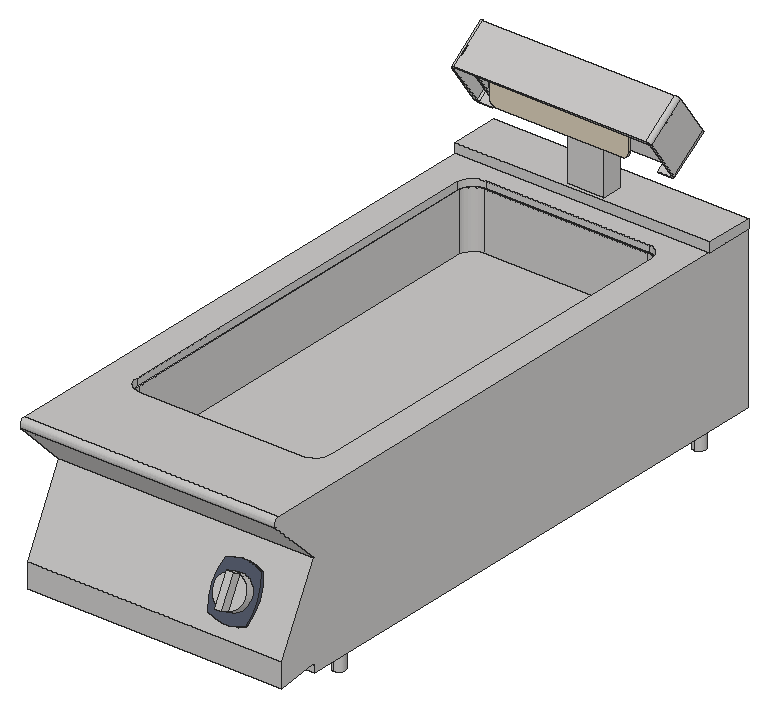
Revit family "QF_ELECTROLUXPROFESSIONAL_391098_E9CSPDC000", category Specialty Equipment, Revit 2018
Family settings
  Round Connector Dimension = Use Diameter
  Part Type = Normal
  Work Plane-Based = No
  Always vertical = Yes
  Cut with Voids When Loaded = No
  Shared = No
  Room Calculation Point = No
Parameters
  Width = 400 mm  # constant formula
  Weight in Pounds = 28  # constant formula
  Watts = 1000 VA  # 1000 W
  Volts = 230 V  # constant formula
  URL Cutsheet = "www.electrolux.com"
  URL = "www.electrolux.com"
  Type Mark [instance] = ""
  Status [instance] = ""
  Specification by User [instance] = ""
  Specification by Manufacturer = ""
  Show Logo [instance] = yes
  Show Clearance [instance] = yes
  Serial Number = ""
  Seismic Rating = ""
  SMACNA No = ""
  Revision Code [instance] = ""
  Phase = 1
  Omniclass Number and Title = ""
  Number of Poles [instance] = 1
  NAFEM Spec ID Number = ""
  Model = "391098"
  Min Ckt Ampacity = 0 A
  Max Overcurrent Protection = 0 A
  Masterspec = ""
  Manufacturer = "ELECTROLUX"
  Item Number [instance] = ""
  Installed By [instance] = ""
  Identify Quantity as Lot [instance] = yes
  Height = 290 mm  # constant formula
  HP = "1.3 HP"
  Furnished By [instance] = ""
  Foodservice Equipment Identifier [instance] = yes
  FL Amps = if(Phase = 3, Watts / (Volts * 1.73), Watts / Volts)  # 4.34783 A
  Electrical Remarks [instance] = "230 V/1N ph/50/60 Hz"  # constant formula
  Electric Connection Type [instance] = ""
  Elec Conn RI Height [instance] = 0 mm
  Elec Conn Connection Height [instance] = 0 mm
  Direct Waste Size = 0"
  Description = "900XP ELECTRIC CHIP SCUTTLE 1 WELL WITH 1 1/1 GN CONTAINER - 230 V"
  Depth = 930 mm  # constant formula
  Cycle [instance] = if([60 Hertz Option], 60 Hz, 50 Hz)  # 60 Hz
  Conn Plug = ""
  Conn Conduit = yes
  CSI MasterFormat = ""
  CSI Master Format = ""
  Base Height = 24 mm  # constant formula
  Assembly Code = ""
  Apparent Power = if(Phase = 3, Volts * FL Amps * 1.73, Volts * FL Amps)  # 1000 VA
  60 Hertz Option [instance] = not([50 Hertz Option])  # yes
  50 Hertz Option [instance] = no
Reference planes
  plane 1 "BACK": y = 0
  plane 2: z = 0
  plane 3 "LEFT": x = 0
  plane 4 "RIGHT": x = 400
  plane 5 "FRONT": y = -930
  plane 6 "TOP": z = 275
  plane 7 "Center Y": x = 200
  plane 8 "Center X": y = -465
  plane 9: z = 24
  plane 10: z = 290
  plane 11: y = -82
  plane 12: y = -790
  plane 13: z = 482
  plane 14: z = 80
Forms (mm)
  Extrusion 1, solid, material "QF_Finishes_Stainless Steel"
    sketch origin (0, 0, 0) x (0, 1, 0) y (0, 0, 1)
      loop
        line (0, 24) -> (0, 275) -> (-921.25, 275)
        arc (-921.25, 275) -> (-929.222, 269.673) -> (-927.352, 260.268) r 8.63
        line (-927.352, 260.268) -> (-853.789, 186.705) -> (-915.712, 68.772) -> (-915.712, 30.35) -> (-855.589, 38.8)
        arc (-855.589, 38.8) -> (-853.064, 38.052) -> (-851.972, 35.656) r 3.175
        line (-851.972, 35.656) -> (-851.972, 24) -> (0, 24)
    from 0 to 400
  Extrusion 2, solid, material "QF_Finishes_Stainless Steel"
    sketch origin (0, 0, 0) x (1, 0, 0) y (0, 1, 0)
      loop
        circle (11, -82) r 9.525
      loop
        circle (389, -82) r 9.525
      loop
        circle (11, -790) r 9.525
      loop
        circle (389, -790) r 9.525
    from 0 to 24
  Extrusion 3, solid, material "QF_Finishes_Stainless Steel"
    sketch origin (0, 0, 0) x (0, 1, 0) y (0, 0, 1)
      loop
        line (0, 275) -> (0, 290) -> (-76.2, 290) -> (-76.2, 275) -> (0, 275)
    from 0 to 400
  Extrusion 4, solid, material "QF_Finishes_Stainless Steel"
    sketch origin (0, 0, 24) x (0, 0, 1) y (1, 0, 0)
      loop
        circle (56, 200) r 3.175
    from 0 to 1.6
  Extrusion 5, solid, material "QF_Finishes_Navy Blue"
    sketch origin (-232.598, -919.183, 62.104) x (0, 0.465426, 0.885087) y (-1, 0, 0)
      loop
        arc (102.623, -510.47) -> (67.041, -502.846) -> (31.333, -509.853) r 90.5
        arc (31.333, -509.853) -> (24.507, -539.04) -> (31.333, -568.228) r 65.817
        arc (31.333, -568.228) -> (67.04, -575.188) -> (102.623, -567.615) r 91.066
        arc (102.623, -567.615) -> (109.179, -539.043) -> (102.623, -510.47) r 65.546
    from 0 to 3.175
  Extrusion 6, solid, material "QF_Finishes_Stainless Steel"
    sketch origin (146.152, -922.917, 61.827) x (0, 0.465426, 0.885087) y (-1, 0, 0)
      loop
        circle (68.826, -160.963) r 25.4
    from 0 to 12.7
  Extrusion 7, solid, material "QF_Finishes_Stainless Steel"
    sketch origin (146.152, -934.157, 67.738) x (0, 0.465426, 0.885087) y (-1, 0, 0)
      loop
        arc (93.558, -166.749) -> (94.226, -160.963) -> (93.558, -155.177) r 25.4
        line (93.558, -155.177) -> (44.094, -155.177)
        arc (44.094, -155.177) -> (43.426, -160.963) -> (44.094, -166.749) r 25.4
        line (44.094, -166.749) -> (93.558, -166.749)
    from 0 to 12.7
  Extrusion 8, solid, material "QF_Clearances", visible <- "Show Clearance", detail levels coarse
    sketch origin (0, 0, 0) x (1, 0, 0) y (0, 1, 0)
      loop
        line (0, -930) -> (0, 0) -> (400, 0) -> (400, -930) -> (550, -930) -> (550, 150) -> (-150, 150) -> (-150, -930) -> (0, -930)
    from 0 to 290
  Extrusion 9, solid, material "QF_Finishes_Stainless Steel"
    sketch origin (0, 0, 0) x (0, 1, 0) y (0, 0, 1)
      loop
        line (-38.1, 290) -> (-38.1, 404.834) -> (-69.19, 383.064) -> (-69.19, 290) -> (-38.1, 290)
    from 171.287 to 228.713
  Extrusion 10, solid, material "QF_Finishes_Stainless Steel"
    sketch origin (0, 207.687, -146.612) x (1, 0, 0) y (0, -0.573576, 0.819152)
      loop
        line (49.422, 592.696) -> (70, 592.696) -> (70, 595.896) -> (49.422, 595.896)
        arc (49.422, 595.896) -> (47.442, 596.716) -> (46.622, 598.696) r 2.8
        line (46.622, 598.696) -> (46.622, 675.455)
        arc (46.622, 675.455) -> (47.442, 677.435) -> (49.422, 678.255) r 2.8
        line (49.422, 678.255) -> (350.922, 678.255)
        arc (350.922, 678.255) -> (352.902, 677.435) -> (353.722, 675.455) r 2.8
        line (353.722, 675.455) -> (353.722, 598.696)
        arc (353.722, 598.696) -> (352.902, 596.716) -> (350.922, 595.896) r 2.8
        line (350.922, 595.896) -> (330, 595.896) -> (330, 592.696) -> (350.922, 592.696)
        arc (350.922, 592.696) -> (355.165, 594.453) -> (356.922, 598.696) r 6
        line (356.922, 598.696) -> (356.922, 675.455)
        arc (356.922, 675.455) -> (355.165, 679.698) -> (350.922, 681.455) r 6
        line (350.922, 681.455) -> (49.422, 681.455)
        arc (49.422, 681.455) -> (45.18, 679.698) -> (43.422, 675.455) r 6
        line (43.422, 675.455) -> (43.422, 598.696)
        arc (43.422, 598.696) -> (45.18, 594.453) -> (49.422, 592.696) r 6
    from -122.733 to -52.733
  Extrusion 11, solid, material "QF_Finishes_Stainless Steel"
    sketch origin (0, 207.687, -146.612) x (1, 0, 0) y (0, -0.573576, 0.819152)
      loop
        arc (353.722, 675.455) -> (352.902, 677.435) -> (350.922, 678.255) r 2.8
        line (350.922, 678.255) -> (49.422, 678.255)
        arc (49.422, 678.255) -> (47.442, 677.435) -> (46.622, 675.455) r 2.8
        line (46.622, 675.455) -> (46.622, 598.696)
        arc (46.622, 598.696) -> (47.442, 596.716) -> (49.422, 595.896) r 2.8
        line (49.422, 595.896) -> (350.922, 595.896)
        arc (350.922, 595.896) -> (352.902, 596.716) -> (353.722, 598.696) r 2.8
        line (353.722, 598.696) -> (353.722, 675.455)
    from -122.733 to -86.366
  Extrusion 12, solid, material "QF_Finishes_Stainless Steel"
    sketch origin (0, 207.687, -146.612) x (0, 0.819152, 0.573576) y (0, -0.573576, 0.819152)
      loop
        line (64.196, 600.535) -> (67.021, 599.033) -> (85.562, 633.903) -> (82.975, 635.853) -> (64.196, 600.535)
      loop
        line (69.646, 647.915) -> (72.471, 646.413) -> (86.232, 672.294) -> (83.645, 674.243) -> (69.646, 647.915)
    from 61.746 to 338.254
  Extrusion 13, solid, material "QF_Finishes_Stainless Steel"
    sketch origin (0, 207.687, -146.612) x (1, 0, 0) y (0, -0.573576, 0.819152)
      loop
        line (59.871, 678.255) -> (56.696, 678.255) -> (56.696, 595.896) -> (59.871, 595.896) -> (59.871, 678.255)
      loop
        line (340.129, 678.255) -> (340.129, 595.896) -> (343.304, 595.896) -> (343.304, 678.255) -> (340.129, 678.255)
    from -86.366 to -65.849
  Extrusion 14, solid, material "QF_Finishes_Almond"
    sketch origin (0, -118.332, -225.151) x (1, 0, 0) y (0, 0, 1)
      loop
        line (90.908, 678.255) -> (90.908, 629.664)
        arc (90.908, 629.664) -> (93.837, 622.593) -> (100.908, 619.664) r 10
        line (100.908, 619.664) -> (299.092, 619.664)
        arc (299.092, 619.664) -> (306.163, 622.593) -> (309.092, 629.664) r 10
        line (309.092, 629.664) -> (309.092, 678.255) -> (90.908, 678.255)
    from 0 to 3.2
  Extrusion 15, void
    sketch origin (0, 0, 0) x (1, 0, 0) y (0, 1, 0)
      loop
        line (328.172, -106.2) -> (72.172, -106.2)
        arc (72.172, -106.2) -> (54.495, -113.522) -> (47.172, -131.2) r 25
        line (47.172, -131.2) -> (47.172, -760.95)
        arc (47.172, -760.95) -> (54.495, -778.628) -> (72.172, -785.95) r 25
        line (72.172, -785.95) -> (328.172, -785.95)
        arc (328.172, -785.95) -> (345.85, -778.628) -> (353.172, -760.95) r 25
        line (353.172, -760.95) -> (353.172, -131.2)
        arc (353.172, -131.2) -> (345.85, -113.522) -> (328.172, -106.2) r 25
    from 174.637 to 275
  Extrusion 16, solid, material "QF_Finishes_Stainless Steel"
    sketch origin (0, 0, 0) x (1, 0, 0) y (0, 1, 0)
      loop
        line (72.172, -785.95) -> (328.172, -785.95)
        arc (328.172, -785.95) -> (345.85, -778.628) -> (353.172, -760.95) r 25
        line (353.172, -760.95) -> (353.172, -131.2)
        arc (353.172, -131.2) -> (345.85, -113.522) -> (328.172, -106.2) r 25
        line (328.172, -106.2) -> (72.172, -106.2)
        arc (72.172, -106.2) -> (54.495, -113.522) -> (47.172, -131.2) r 25
        line (47.172, -131.2) -> (47.172, -760.95)
        arc (47.172, -760.95) -> (54.495, -778.628) -> (72.172, -785.95) r 25
      loop
        arc (328.172, -782.75) -> (343.587, -776.365) -> (349.972, -760.95) r 21.8
        line (349.972, -760.95) -> (349.972, -131.2)
        arc (349.972, -131.2) -> (343.587, -115.785) -> (328.172, -109.4) r 21.8
        line (328.172, -109.4) -> (72.172, -109.4)
        arc (72.172, -109.4) -> (56.757, -115.785) -> (50.372, -131.2) r 21.8
        line (50.372, -131.2) -> (50.372, -760.95)
        arc (50.372, -760.95) -> (56.757, -776.365) -> (72.172, -782.75) r 21.8
        line (72.172, -782.75) -> (328.172, -782.75)
    from 174.637 to 264.637
  Extrusion 17, solid, material "QF_Finishes_Stainless Steel"
    sketch origin (0, 0, -15.166) x (0, 1, 0) y (0, 0, 1)
      loop
        line (-73.082, 483.512) -> (-67.28, 475.226) -> (-65.422, 477.084) -> (-73.082, 483.512)
      loop
        line (-57.188, 460.812) -> (-51.386, 452.526) -> (-49.527, 454.385) -> (-57.188, 460.812)
    from 90.908 to 152.58
  Extrusion 18, solid, material "QF_Finishes_Stainless Steel"
    sketch origin (78.256, 0, -15.166) x (0, 1, 0) y (0, 0, 1)
      loop
        line (-73.082, 483.512) -> (-67.28, 475.226) -> (-65.422, 477.084) -> (-73.082, 483.512)
      loop
        line (-57.188, 460.812) -> (-51.386, 452.526) -> (-49.527, 454.385) -> (-57.188, 460.812)
    from 90.908 to 152.58
  Extrusion 19, solid, material "QF_Finishes_Stainless Steel"
    sketch origin (156.512, 0, -15.166) x (0, 1, 0) y (0, 0, 1)
      loop
        line (-73.082, 483.512) -> (-67.28, 475.226) -> (-65.422, 477.084) -> (-73.082, 483.512)
      loop
        line (-57.188, 460.812) -> (-51.386, 452.526) -> (-49.527, 454.385) -> (-57.188, 460.812)
    from 90.908 to 152.58
  Extrusion 20, solid, material "QF_Finishes_Stainless Steel"
    sketch origin (0, -851.972, 24) x (1, 0, 0) y (0, -1, 0)
      loop
        circle (250, -241.972) r 6.35
    from 0 to 3.2
Cuts and joins
  Extrusion 15 cuts Extrusion 1
  Extrusion 15 cuts Extrusion 2
  Extrusion 15 cuts Extrusion 8
  joined: Extrusion 10, Extrusion 11
Lines and regions (mm)
  symbolic lines
    curve 1: line (0, -929.879, 0) -> (400, -929.879, 0)
    curve 2: line (0, 0, 0) -> (0, -929.879, 0)
    curve 3: line (400, 0, 0) -> (0, 0, 0)
    curve 4: line (400, -929.879, 0) -> (400, 0, 0)
    curve 5: line (0, -76.2, 0) -> (43.422, -76.2, 0)
    curve 6: line (0, -923.529, 0) -> (400, -923.529, 0)
    curve 10: line (47.172, -139.733, 0) -> (47.172, -760.95, 0)
    curve 11: arc (47.172, -760.95, 0) -> (54.495, -778.628, 0) -> (72.172, -785.95, 0) r 25
    curve 12: line (72.172, -785.95, 0) -> (328.172, -785.95, 0)
    curve 13: arc (328.172, -785.95, 0) -> (345.85, -778.628, 0) -> (353.172, -760.95, 0) r 25
    curve 14: line (353.172, -760.95, 0) -> (353.172, -139.733, 0)
    curve 15: line (350.922, -139.984, 0) -> (49.422, -139.984, 0)
    curve 16: line (356.922, -136.542, 0) -> (356.922, -35.174, 0)
    curve 17: spline (356.922, -136.542, 0) -> (356.871, -136.991, 0) -> (356.718, -137.433, 0) -> (356.466, -137.859, 0) -> (356.118, -138.263, 0) -> (355.682, -138.637, 0) -> (355.165, -138.976, 0) -> (354.575, -139.273, 0) -> (353.922, -139.523, 0) -> (353.218, -139.722, 0) -> (352.475, -139.866, 0) -> (351.705, -139.954, 0) -> (350.922, -139.984, 0)
    curve 18: spline (49.422, -139.984, 0) -> (48.639, -139.954, 0) -> (47.869, -139.866, 0) -> (47.126, -139.722, 0) -> (46.422, -139.523, 0) -> (45.77, -139.273, 0) -> (45.18, -138.976, 0) -> (44.662, -138.637, 0) -> (44.226, -138.263, 0) -> (43.879, -137.859, 0) -> (43.627, -137.433, 0) -> (43.474, -136.991, 0) -> (43.422, -136.542, 0)
    curve 19: line (43.422, -35.174, 0) -> (43.422, -136.542, 0)
    curve 20: line (70, -31.733, 0) -> (49.422, -31.733, 0)
    curve 21: spline (49.422, -31.733, 0) -> (48.639, -31.762, 0) -> (47.869, -31.85, 0) -> (47.126, -31.995, 0) -> (46.422, -32.194, 0) -> (45.77, -32.444, 0) -> (45.18, -32.741, 0) -> (44.662, -33.079, 0) -> (44.226, -33.453, 0) -> (43.879, -33.857, 0) -> (43.627, -34.283, 0) -> (43.474, -34.725, 0) -> (43.422, -35.174, 0)
    curve 22: line (330, -33.568, 0) -> (70, -33.568, 0)
    curve 23: line (70, -33.568, 0) -> (70, -31.733, 0)
    curve 24: line (330, -31.733, 0) -> (330, -33.568, 0)
    curve 25: line (350.922, -31.733, 0) -> (330, -31.733, 0)
    curve 26: spline (356.922, -35.174, 0) -> (356.871, -34.725, 0) -> (356.718, -34.283, 0) -> (356.466, -33.857, 0) -> (356.118, -33.453, 0) -> (355.682, -33.079, 0) -> (355.165, -32.741, 0) -> (354.575, -32.444, 0) -> (353.922, -32.194, 0) -> (353.218, -31.995, 0) -> (352.475, -31.85, 0) -> (351.705, -31.762, 0) -> (350.922, -31.733, 0)
    curve 27: spline (43.422, -79.202, 0) -> (43.474, -79.651, 0) -> (43.627, -80.092, 0) -> (43.879, -80.519, 0) -> (44.226, -80.922, 0) -> (44.662, -81.297, 0) -> (45.18, -81.635, 0) -> (45.77, -81.932, 0) -> (46.422, -82.182, 0) -> (47.126, -82.381, 0) -> (47.869, -82.526, 0) -> (48.639, -82.614, 0) -> (49.422, -82.643, 0)
    curve 28: line (49.422, -82.643, 0) -> (350.922, -82.643, 0)
    curve 29: spline (350.922, -82.643, 0) -> (351.705, -82.614, 0) -> (352.475, -82.526, 0) -> (353.218, -82.381, 0) -> (353.922, -82.182, 0) -> (354.575, -81.932, 0) -> (355.165, -81.635, 0) -> (355.682, -81.297, 0) -> (356.118, -80.922, 0) -> (356.466, -80.519, 0) -> (356.718, -80.092, 0) -> (356.871, -79.651, 0) -> (356.922, -79.202, 0)
    curve 30: line (309.092, -49.527, 0) -> (247.42, -49.527, 0)
    curve 31: line (247.42, -57.188, 0) -> (309.092, -57.188, 0)
    curve 32: line (309.092, -73.082, 0) -> (309.092, -65.422, 0)
    curve 33: line (247.42, -49.527, 0) -> (247.42, -57.188, 0)
    curve 34: line (230.836, -73.082, 0) -> (230.836, -65.422, 0)
    curve 35: line (169.164, -49.527, 0) -> (169.164, -57.188, 0)
    curve 36: line (230.836, -49.527, 0) -> (169.164, -49.527, 0)
    curve 37: line (169.164, -57.188, 0) -> (230.836, -57.188, 0)
    curve 38: line (230.836, -65.422, 0) -> (169.164, -65.422, 0)
    curve 39: line (169.164, -73.082, 0) -> (230.836, -73.082, 0)
    curve 40: line (90.908, -73.082, 0) -> (152.58, -73.082, 0)
    curve 41: line (152.58, -65.422, 0) -> (90.908, -65.422, 0)
    curve 42: line (90.908, -57.188, 0) -> (152.58, -57.188, 0)
    curve 43: line (152.58, -49.527, 0) -> (90.908, -49.527, 0)
    curve 44: line (90.908, -49.527, 0) -> (90.908, -57.188, 0)
    curve 45: line (152.58, -73.082, 0) -> (152.58, -65.422, 0)
    curve 46: line (90.908, -65.422, 0) -> (90.908, -73.082, 0)
    curve 47: line (169.164, -65.422, 0) -> (169.164, -73.082, 0)
    curve 48: line (230.836, -57.188, 0) -> (230.836, -49.527, 0)
    curve 49: line (247.42, -65.422, 0) -> (247.42, -73.082, 0)
    curve 50: line (309.092, -57.188, 0) -> (309.092, -49.527, 0)
    curve 51: line (309.092, -65.422, 0) -> (247.42, -65.422, 0)
    curve 52: line (247.42, -73.082, 0) -> (309.092, -73.082, 0)
    curve 53: line (152.58, -57.188, 0) -> (152.58, -49.527, 0)
    curve 54: line (356.922, -76.2, 0) -> (400, -76.2, 0)
    curve 55: line (56.672, -139.733, 0) -> (56.672, -760.95, 0)
    curve 56: arc (56.672, -760.95, 0) -> (61.212, -771.91, 0) -> (72.172, -776.45, 0) r 15.5
    curve 57: line (72.172, -776.45, 0) -> (328.172, -776.45, 0)
    curve 58: arc (328.172, -776.45, 0) -> (339.132, -771.91, 0) -> (343.672, -760.95, 0) r 15.5
    curve 59: line (343.672, -760.95, 0) -> (343.672, -139.733, 0)
    curve 60: line (328.172, -776.45, 0) -> (328.172, -785.95, 0)
    curve 61: line (343.672, -760.95, 0) -> (353.172, -760.95, 0)
    curve 62: line (72.172, -776.45, 0) -> (72.172, -785.95, 0)
    curve 63: line (56.672, -760.95, 0) -> (47.172, -760.95, 0)
  symbolic lines, style "QF_Clearances", visible <- "Show Clearance", detail levels coarse
    curve 7: line (550, -930, 0) -> (550, 150, 0)
    curve 8: line (550, 150, 0) -> (-150, 150, 0)
    curve 9: line (-150, 150, 0) -> (-150, -930, 0)
Dimensions and locks
  equal spacing: plane 3 "LEFT", plane 7 "Center Y", plane 4 "RIGHT"
  "Width": plane 3 "LEFT" to plane 4 "RIGHT"
  equal spacing: plane 5 "FRONT", plane 8 "Center X", plane 1 "BACK"
  "Depth": plane 5 "FRONT" to plane 1 "BACK"
  "Height": plane 10 to level
  "Base Height": plane 9 to level
  plane 9 to level = 24 mm
  plane 1 "BACK" to plane 11 = 82 mm
  plane 11 to plane 12 = 708 mm
  plane 6 "TOP" to plane 9 = 251 mm
  plane 10 to level = 290 mm
  plane 13 to level = 482 mm
  plane 4 "RIGHT" to curve 7 = 150 mm
  curve 9 to plane 3 "LEFT" = 150 mm
  curve 8 to plane 1 "BACK" = 150 mm
  plane 9 to plane 14 = 56 mm
  plane 1 "BACK" to Extrusion 20 = 610 mm
  aligned and locked: level to plane 2
  aligned and locked: plane 4 "RIGHT" to Extrusion 1
  aligned and locked: plane 4 "RIGHT" to Extrusion 3
Automatic sketch dimensions
  Extrusion 1 sketch curve to plane 6 "TOP" = 0 mm
  plane 9 to Extrusion 1 sketch curve = 11.656 mm
  Extrusion 1 sketch curve to plane 5 "FRONT" = 78.028 mm
  Extrusion 1 sketch curve to plane 5 "FRONT" = 76.211 mm
  Extrusion 1 sketch curve to Extrusion 1 sketch curve = 3.175 mm
  plane 9 to Extrusion 1 sketch curve = 14.8 mm
  plane 9 to Extrusion 1 sketch curve = 6.35 mm
  Extrusion 1 sketch curve to plane 5 "FRONT" = 14.288 mm
  Extrusion 1 sketch curve to plane 5 "FRONT" = 8.75 mm
  Extrusion 1 sketch curve to plane 5 "FRONT" = 2.648 mm
  Extrusion 1 sketch curve to Extrusion 1 sketch curve = 38.422 mm
  Extrusion 1 sketch curve to plane 6 "TOP" = 88.295 mm
  Extrusion 1 sketch curve to plane 6 "TOP" = 14.732 mm
  Extrusion 3 sketch curve to plane 6 "TOP" = 0 mm
  Extrusion 3 sketch curve to plane 10 = 0 mm
  Extrusion 3 sketch curve to plane 1 "BACK" = 0 mm
  Extrusion 5 sketch curve to Extrusion 5 sketch curve = 0 mm
  Extrusion 5 sketch curve to Extrusion 5 sketch curve = 12.3 mm  (x3)
  Extrusion 5 sketch curve to Extrusion 5 sketch curve = 34.925 mm  (x2)
  Extrusion 5 sketch curve to Extrusion 5 sketch curve = 46.691 mm
  Extrusion 7 sketch curve to Extrusion 7 sketch curve = 24.732 mm
  Extrusion 7 sketch curve to Extrusion 7 sketch curve = 0 mm
  Extrusion 9 sketch curve to plane 10 = 0 mm
  Extrusion 9 sketch curve to Extrusion 9 sketch curve = 31.09 mm
  Extrusion 9 sketch curve to Extrusion 9 sketch curve = 21.77 mm
  Extrusion 12 sketch curve to Extrusion 12 sketch curve = 2.825 mm  (x2)
  Extrusion 12 sketch curve to Extrusion 12 sketch curve = 5.45 mm
  Extrusion 12 sketch curve to Extrusion 12 sketch curve = 10.503 mm
  Extrusion 12 sketch curve to Extrusion 12 sketch curve = 13.999 mm
  Extrusion 12 sketch curve to Extrusion 12 sketch curve = 2.587 mm  (x2)
  Extrusion 12 sketch curve to Extrusion 12 sketch curve = 1.502 mm  (x2)
  Extrusion 12 sketch curve to Extrusion 12 sketch curve = 10.56 mm
  Extrusion 14 sketch curve to Extrusion 14 sketch curve = 10 mm  (x2)
  Extrusion 17 sketch curve to Extrusion 17 sketch curve = 5.802 mm  (x2)
  Extrusion 17 sketch curve to Extrusion 17 sketch curve = 1.858 mm  (x4)
  Extrusion 17 sketch curve to Extrusion 17 sketch curve = 10.092 mm
  Extrusion 17 sketch curve to Extrusion 17 sketch curve = 14.414 mm
  Extrusion 17 sketch curve to Extrusion 17 sketch curve = 6.428 mm  (x2)
  Extrusion 18 sketch curve to Extrusion 18 sketch curve = 5.802 mm  (x2)
  Extrusion 18 sketch curve to Extrusion 18 sketch curve = 1.858 mm  (x4)
  Extrusion 18 sketch curve to Extrusion 18 sketch curve = 10.092 mm
  Extrusion 18 sketch curve to Extrusion 18 sketch curve = 14.414 mm
  Extrusion 18 sketch curve to Extrusion 18 sketch curve = 6.428 mm  (x2)
  Extrusion 19 sketch curve to Extrusion 19 sketch curve = 5.802 mm  (x2)
  Extrusion 19 sketch curve to Extrusion 19 sketch curve = 1.858 mm  (x4)
  Extrusion 19 sketch curve to Extrusion 19 sketch curve = 10.092 mm
  Extrusion 19 sketch curve to Extrusion 19 sketch curve = 14.414 mm
  Extrusion 19 sketch curve to Extrusion 19 sketch curve = 6.428 mm  (x2)
  Extrusion 14 sketch curve to plane 7 "Center Y" = 99.092 mm
  plane 7 "Center Y" to Extrusion 5 sketch curve = 77.254 mm
  Extrusion 5 sketch curve to Extrusion 5 sketch curve = 0.617 mm
  Extrusion 5 sketch curve to Extrusion 5 sketch curve = 28.57 mm
  Extrusion 5 sketch curve to Extrusion 5 sketch curve = 29.185 mm
  plane 7 "Center Y" to Extrusion 14 sketch curve = 99.092 mm
  plane 1 "BACK" to Extrusion 3 sketch curve = 76.2 mm
  plane 1 "BACK" to Extrusion 9 sketch curve = 69.19 mm
  plane 1 "BACK" to Extrusion 12 sketch curve = 84.18 mm
  plane 1 "BACK" to Extrusion 17 sketch curve = 73.082 mm
  plane 1 "BACK" to Extrusion 18 sketch curve = 73.082 mm
  plane 1 "BACK" to Extrusion 19 sketch curve = 73.082 mm
  plane 5 "FRONT" to Extrusion 8 sketch curve = 0 mm  (x2)
  Extrusion 8 sketch curve to plane 3 "LEFT" = 0 mm
  Extrusion 8 sketch curve to plane 4 "RIGHT" = 0 mm
  plane 1 "BACK" to Extrusion 8 sketch curve = 0 mm
  Extrusion 8 sketch curve to plane 3 "LEFT" = 150 mm
  plane 4 "RIGHT" to Extrusion 8 sketch curve = 150 mm
  Extrusion 8 sketch curve to plane 1 "BACK" = 150 mm
  Extrusion 10 sketch curve to Extrusion 10 sketch curve = 0 mm  (x9)
  plane 3 "LEFT" to Extrusion 10 sketch curve = 43.422 mm
  Extrusion 10 sketch curve to Extrusion 10 sketch curve = 3.2 mm
  Extrusion 10 sketch curve to Extrusion 10 sketch curve = 2.8 mm  (x3)
  Extrusion 10 sketch curve to Extrusion 10 sketch curve = 20.578 mm
  Extrusion 10 sketch curve to plane 4 "RIGHT" = 70 mm
  Extrusion 10 sketch curve to Extrusion 10 sketch curve = 20.922 mm
  Extrusion 10 sketch curve to plane 4 "RIGHT" = 49.078 mm
  Extrusion 10 sketch curve to Extrusion 10 sketch curve = 76.76 mm
  plane 3 "LEFT" to Extrusion 11 sketch curve = 46.622 mm
  Extrusion 11 sketch curve to Extrusion 11 sketch curve = 2.8 mm  (x3)
  Extrusion 11 sketch curve to plane 4 "RIGHT" = 49.078 mm  (x2)
  Extrusion 11 sketch curve to Extrusion 11 sketch curve = 76.76 mm
  plane 3 "LEFT" to Extrusion 13 sketch curve = 56.696 mm
  Extrusion 13 sketch curve to Extrusion 13 sketch curve = 3.175 mm  (x2)
  Extrusion 13 sketch curve to plane 4 "RIGHT" = 59.871 mm
  Extrusion 13 sketch curve to Extrusion 13 sketch curve = 0 mm
  Extrusion 13 sketch curve to Extrusion 13 sketch curve = 82.36 mm  (x2)
  plane 3 "LEFT" to Extrusion 15 sketch curve = 47.172 mm
  Extrusion 15 sketch curve to Extrusion 15 sketch curve = 25 mm  (x3)
  Extrusion 15 sketch curve to plane 4 "RIGHT" = 71.828 mm  (x2)
  Extrusion 15 sketch curve to plane 5 "FRONT" = 144.05 mm
  plane 1 "BACK" to Extrusion 15 sketch curve = 131.2 mm
  Extrusion 16 sketch curve to Extrusion 16 sketch curve = 0 mm  (x8)
  plane 3 "LEFT" to Extrusion 16 sketch curve = 47.172 mm
  Extrusion 16 sketch curve to Extrusion 16 sketch curve = 3.2 mm
  Extrusion 16 sketch curve to Extrusion 16 sketch curve = 21.8 mm  (x3)
  Extrusion 16 sketch curve to plane 4 "RIGHT" = 71.828 mm  (x2)
  Extrusion 16 sketch curve to plane 5 "FRONT" = 144.05 mm
  plane 1 "BACK" to Extrusion 16 sketch curve = 131.2 mm
  plane 5 "FRONT" to curve 9 = 0 mm
  curve 2 to plane 3 "LEFT" = 0 mm
  curve 54 to plane 4 "RIGHT" = 0 mm
  plane 5 "FRONT" to curve 7 = 0 mm
  plane 1 "BACK" to curve 3 = 0 mm
  plane 3 "LEFT" to curve 19 = 43.422 mm
  plane 3 "LEFT" to curve 63 = 47.172 mm
  curve 19 to curve 20 = 6 mm
  curve 27 to curve 27 = 6 mm
  curve 10 to curve 18 = 2.25 mm
  curve 10 to curve 56 = 9.5 mm
  curve 21 to curve 22 = 14.578 mm
  curve 55 to curve 56 = 15.5 mm
  curve 22 to curve 44 = 20.908 mm
  curve 40 to curve 42 = 0 mm
  curve 40 to plane 7 "Center Y" = 47.42 mm
  curve 53 to curve 41 = 0 mm
  curve 40 to curve 47 = 16.585 mm
  curve 35 to curve 38 = 0 mm
  plane 7 "Center Y" to curve 48 = 30.836 mm
  curve 39 to curve 37 = 0 mm
  curve 37 to curve 33 = 16.585 mm
  curve 52 to curve 31 = 0 mm
  curve 31 to curve 50 = 61.672 mm
  curve 51 to curve 31 = 0 mm
  curve 60 to plane 4 "RIGHT" = 71.828 mm
  curve 30 to curve 22 = 20.908 mm
  curve 13 to curve 58 = 15.5 mm
  curve 24 to curve 25 = 20.922 mm
  curve 32 to curve 29 = 41.83 mm
  curve 17 to curve 14 = 2.25 mm
  curve 14 to curve 16 = 3.75 mm
  curve 1 to plane 5 "FRONT" = 0.121 mm
  curve 1 to curve 6 = 6.35 mm
  curve 60 to plane 5 "FRONT" = 144.05 mm
  plane 1 "BACK" to curve 17 = 139.984 mm
  curve 15 to curve 14 = 0.251 mm
  curve 18 to curve 10 = 0.251 mm
  curve 15 to curve 59 = 0.251 mm
  curve 55 to curve 18 = 3.19 mm
  curve 17 to curve 29 = 53.899 mm
  curve 28 to curve 29 = 3.441 mm
  curve 27 to curve 27 = 3.441 mm
  curve 27 to curve 5 = 3.002 mm
  curve 29 to curve 54 = 3.002 mm
  plane 1 "BACK" to curve 45 = 73.082 mm
  curve 29 to curve 52 = 6.119 mm
  curve 39 to curve 49 = 0 mm
  curve 40 to curve 46 = 7.66 mm
  curve 39 to curve 47 = 7.66 mm
  curve 49 to curve 49 = 7.66 mm
  curve 34 to curve 48 = 8.234 mm
  curve 41 to curve 53 = 8.234 mm
  curve 32 to curve 50 = 8.234 mm
  curve 35 to curve 35 = 7.66 mm
  curve 42 to curve 44 = 7.66 mm
  curve 31 to curve 33 = 7.66 mm
  plane 1 "BACK" to curve 26 = 35.174 mm
  plane 1 "BACK" to curve 21 = 35.174 mm
  curve 26 to curve 24 = 1.606 mm
  curve 21 to curve 21 = 3.441 mm
  curve 22 to curve 25 = 1.835 mm
  plane 1 "BACK" to Extrusion 1 sketch curve = 0 mm
  plane 9 to Extrusion 1 sketch curve = 0 mm
  Extrusion 1 to Extrusion 4 sketch curve = 200 mm
  Extrusion 2 sketch curve to Extrusion 2 sketch curve = 0 mm  (x8)
  plane 3 "LEFT" to Extrusion 2 sketch curve = 11 mm  (x2)
  Extrusion 2 sketch curve to plane 4 "RIGHT" = 11 mm  (x2)
  Extrusion 2 sketch curve to plane 5 "FRONT" = 130.475 mm  (x2)
  Extrusion 2 sketch curve to Extrusion 2 sketch curve = 9.525 mm  (x4)
  plane 1 "BACK" to Extrusion 2 sketch curve = 91.525 mm  (x2)
  Extrusion 9 sketch curve to plane 13 = 98.936 mm
  plane 10 to Extrusion 12 sketch curve = 92.139 mm
  Extrusion 14 sketch curve to plane 13 = 87.487 mm
  Extrusion 14 sketch curve to plane 13 = 28.896 mm
  Extrusion 17 sketch curve to plane 13 = 44.64 mm
  Extrusion 18 sketch curve to plane 13 = 44.64 mm
  Extrusion 19 sketch curve to plane 13 = 44.64 mm
  Extrusion 20 sketch curve to Extrusion 1 = 150 mm
  Extrusion 20 sketch curve to Extrusion 1 = 241.972 mm
  Extrusion 1 to Extrusion 4 sketch curve = 56 mm
  radius of Extrusion 6 sketch curve = 25.4 mm
  radius of Extrusion 7 sketch curve to Extrusion 6 = 0 mm  (x2)
  radius of Extrusion 4 sketch curve = 3.175 mm
  radius of Extrusion 20 sketch curve = 6.35 mm
Connectors
  electrical at (200, 1.6, 80), driven by "Volts", driven by "Watts"
    settings: on Extrusion 4, index 1, voltage 230 V, apparent load 1000 VA, apparent load phase1 0 VA, apparent load phase2 0 VA, apparent load phase3 0 VA, power factor 1, load classification "Other", number of poles 1, system type 30, power factor state 1, is connector primary yes, connector utility no, sub classification motor no, connector description "ELECTRICAL CONNECTION"
